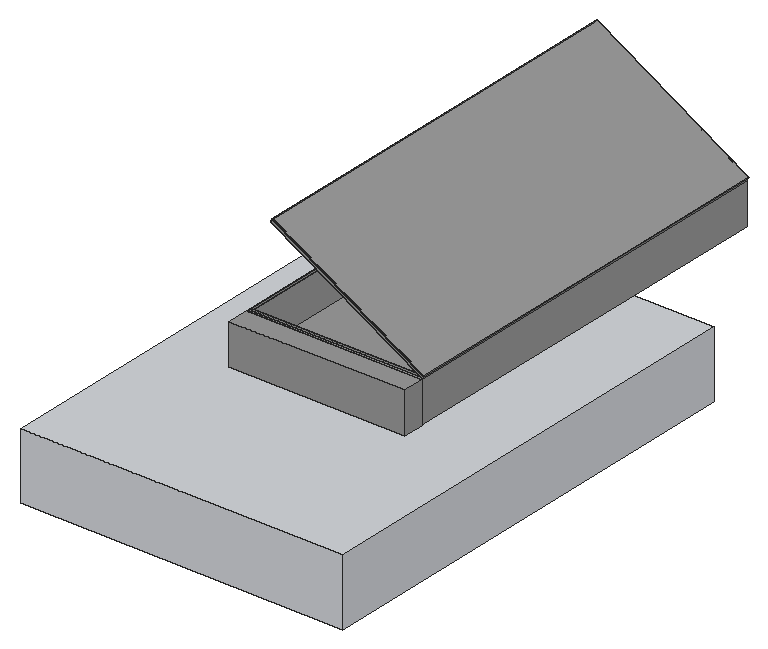
Revit family "Hager-Univers-IP44-D205-H1950-Cl.I-Encl-CH-en", category Equipement électrique, Revit 2020
Family settings
  Hôte = Face
  Configuration du panneau = Deux colonnes, circuits au sein
  Cote de connecteur circulaire = Utiliser le diamètre
  Type d'élément = Tableau de raccordement
  Couper avec des vides une fois chargée = Non
  Partagée = Non
  Point de calcul de pièce = Non
Parameters (values of type "Floor installation IP44 W800 H1950 D205  - FP23TN2")
  Width Control [instance] = if([EF000008 - Width] > Min Width, [EF000008 - Width], Min Width)  # 800 mm
  Commentaires du type = [HG000003 - Range]  # "Univers"
  Thickness Door [instance] = if([EF009171 - Material plate thickness door/cover] > 3 mm, 3 mm, [EF009171 - Material plate thickness door/cover])  # 1 mm
  Seal Frame Offset [instance] = 17 mm  # constant formula
  Plinth Visibility [instance] = [HG000027 - Plinth height] > 0 mm  # yes
  Model = ""
  Min Width [instance] = 100 mm  # constant formula
  Min Height [instance] = 100 mm  # constant formula
  Min Depth [instance] = (2 * [EF009170 - Material plate thickness cabinet]) + 1 mm  # 3 mm
  Internal Frame Depth [instance] = (Door System Depth * 0.5)  # 9 mm
  Height Control [instance] = if([EF000040 - Height] > Min Height, [EF000040 - Height], Min Height)  # 1950 mm
  HG000027 - Plinth height = 100 mm
  HG000026 - Floor standing = yes
  HG000024 - Bottom section height = 800 mm
  HG000023 - Double section enclosure = no
  HG000016 - Door 3d visibility [instance] = yes
  HG000015 - Clearance visibility [instance] = no
  HG000014 - Door on the right [instance] = yes
  HG000013 - Door on the left [instance] = not([HG000014 - Door on the right])  # no
  HG000012 - Door swing angle [instance] = 30.00°
  HG000010 - Asymmetric doors = no
  HG000009 - Double swing door = no
  HG000006 - Flush mounted = no
  HG000004 - Manufacturer reference = "FP23TN2"
  HG000003 - Range = "Univers"
  HG000002 - With door or cover = yes
  Frame Offset Bottom [instance] = 10 mm  # constant formula
  Frame Offset [instance] = 15 mm  # constant formula
  EF015940 - Cover with overpressure release = no
  EF011959 - Degree of protection (NEMA) = ""
  EF009554 - Number of openings for flange plates = 6
  EF009212 - Cover model = "EV000116 - Closed"
  EF009171 - Material plate thickness door/cover = 1 mm
  EF009170 - Material plate thickness cabinet = 1 mm
  Fabricant = "Hager"  # constant formula
  EF008873 - Nominal current (In) = 400 A
  EF007800 - Suitable for lightning protection = no
  EF006306 - With lock = no
  EF006244 - Transparent cover/door = no
  EF005474 - Degree of protection (IP) = "EV006418 - IP44"
  EF004464 - Type of door = "EV002646 - Single"
  EF004427 - Number of modules = 432
  EF004293 - Impact strength = "EV006815 - IK09"
  EF003532 - Suitable for outdoor use = no
  EF002950 - Width in number of modular spacings = 36
  EF001613 - Circuit integrity = "EV000494 - None"
  EF001596 - Material housing = "EV000179 - Steel"
  EF001131 - Internal depth = 205 mm
  EF001088 - Extension possible = yes
  EF000437 - Number of conduit inlets = 6
  EF000339 - Type of cover = "EV001012 - Cover"
  EF000266 - Number of rows = 12
  EF000218 - Built-in depth = 0 mm
  EF000118 - With mounting plate = no
  EF000116 - RAL-number = "9010"
  EF000049 - Depth = 205 mm
  EF000040 - Height = 1950 mm
  EF000008 - Width = 800 mm
  EF000007 - Colour = "EV000202 - White"
  EF000003 - Mounting method = "EV012274 - Floor installation"
  Door System Leaf Tolerance [instance] = 1.5 mm  # constant formula
  Door System Depth [instance] = 18 mm  # constant formula
  Door Height [instance] = Height Control - [HG000027 - Plinth height]  # 1850 mm
  Depth Control [instance] = if([EF000049 - Depth] > Min Depth, [EF000049 - Depth], Min Depth)  # 205 mm
  Default Elevation = 0 mm
  Connector Offset [instance] = Height Control / 2  # 975 mm
  Bottom Top Plate Trim [instance] = 1.5 mm  # constant formula
  Plinth height Ctrl [instance] = if([HG000027 - Plinth height] > 0 mm, [HG000027 - Plinth height], 12 mm)  # 100 mm
Types (5, lengths in mm): name | Width Control | HG000010 - Asymmetric doors | HG000009 - Double swing door | HG000004 - Manufacturer reference | EF009554 - Number of openings for flange plates | EF008873 - Nominal current (In) | EF004464 - Type of door | EF004427 - Number of modules | EF002950 - Width in number of modular spacings | EF000437 - Number of conduit inlets | EF000008 - Width
  Floor installation IP44 W1050 H1950 D205  - FP24TN2 | 1050 | no | yes | "FP24TN2" | 8 | 400 A | "EV003602 - Double" | 576 | 48 | 8 | 1050
  Floor installation IP44 W1300 H1950 D205  - FP25TN2 | 1300 | yes | yes | "FP25TN2" | 10 | 400 A | "EV003602 - Double" | 720 | 60 | 10 | 1300
  Floor installation IP44 W300 H1950 D205  - FP21TN2 | 300 | no | no | "FP21TN2" | 2 | 250 A | "EV002646 - Single" | 144 | 12 | 2 | 300
  Floor installation IP44 W550 H1950 D205  - FP22TN2 | 550 | no | no | "FP22TN2" | 4 | 400 A | "EV002646 - Single" | 288 | 24 | 4 | 550
  Floor installation IP44 W800 H1950 D205  - FP23TN2 | 800 | no | no | "FP23TN2" | 6 | 400 A | "EV002646 - Single" | 432 | 36 | 6 | 800
Reference planes
  plane 1 "Center (Front/Back)": y = 0
  plane 2: z = 0
  plane 3 "Center (Left/Right)": x = 0
  plane 4: z = 205
  plane 5: y = 101
  plane 6: y = 1025
  plane 7: y = 100
  plane 8: y = 1950
  plane 9: z = 0
  plane 10: x = -385
  plane 11: x = 385
  plane 12: x = 384
  plane 13: x = -384
  plane 14: y = 1949
  plane 15: x = -383
  plane 16: x = -400
  plane 17: x = 383
  plane 18: x = 400
  plane 19: x = 399
  plane 20: x = -399
  plane 21: y = 111
  plane 22: y = 1950
  plane 23: y = 1934
  plane 24: z = 187
  plane 25: z = 1
  plane 26: z = 186
  plane 27: z = 204
Forms (mm)
  Extrusion 1, solid
    sketch origin (0, 0, 0) x (1, 0, 0) y (0, 1, 0)
      loop
        line (-702.964, 1305) -> (-702.964, -811.445) -> (766.763, -811.445) -> (766.763, 1305) -> (-702.964, 1305)
    from 0 to -304.8
  Extrusion 2, solid, material "Hager_Steel_RAL7035_Light_Grey", visible <- "Plinth Visibility", detail levels medium+fine
    sketch origin (0, 0, 0) x (1, 0, 0) y (0, 1, 0)
      loop
        line (-400, 0) -> (400, 0) -> (400, 100) -> (-400, 100) -> (-400, 0)
    from 0 to 187
  Extrusion 3, solid, material "Hager_Steel_RAL7035_Light_Grey", detail levels medium+fine
    sketch origin (0, 0, 0) x (1, 0, 0) y (0, 1, 0)
      loop
        line (-400, 100) -> (400, 100) -> (400, 1950) -> (-400, 1950) -> (-400, 100)
    from 0 to 187
  Extrusion 4, void
    sketch origin (0, 0, 0) x (1, 0, 0) y (0, 1, 0)
      loop
        line (-399, 101) -> (399, 101) -> (399, 1949) -> (-399, 1949) -> (-399, 101)
    from 1 to 186
  Extrusion 5, void
    sketch origin (-381.607, -4572, 187) x (0, -1, 0) y (-1, 0, 0)
      loop
        line (-4683, 2.393) -> (-6506, 2.393) -> (-6506, -765.607) -> (-4683, -765.607) -> (-4683, 2.393)
    from 0 to 1 <- "EF009170 - Material plate thickness cabinet"
  Extrusion 6, solid, material "Hager_Steel_RAL7035_Light_Grey", detail levels fine
    sketch origin (0, 0, 187) x (1, 0, 0) y (0, 1, 0)
      loop
        line (-384, 1934) -> (-384, 111) -> (384, 111) -> (384, 1934) -> (-384, 1934)
      loop
        line (-385, 110) -> (385, 110) -> (385, 1935) -> (-385, 1935) -> (-385, 110)
    from 0 to 9 <- "Internal Frame Depth"
  Extrusion 7, solid, material "Hager_Steel_RAL7035_Light_Grey", detail levels coarse
    sketch origin (0, 0, 0) x (1, 0, 0) y (0, 1, 0)
      loop
        line (-400, 0) -> (400, 0) -> (400, 1950) -> (-400, 1950) -> (-400, 0)
    from 0 to 205
  Sweep 8, void
    path in 3D
      loop
        line (-400, 100, 0) -> (400, 100, 0) -> (400, 100, 187) -> (-400, 100, 187) -> (-400, 100, 0)
    profile origin (-400, 100, 93.5) x (-1, 0, 0) y (0, -1, 0)
      loop
        line (0, 0) -> (0, 1.5) -> (-1.5, 1.5)
        arc (-1.5, 1.5) -> (-1.061, 0.439) -> (0, 0) r 1.5
Cuts and joins
  Extrusion 4, Extrusion 5 cuts Extrusion 3
  Sweep 8 cuts Extrusion 2
Lines and regions (mm)
  Masking region 1
    outline origin (0, 0, 0) x (1, 0, 0) y (0, 0, 1)
      loop
        line (-400, 205) -> (-400, 0) -> (400, 0) -> (400, 205) -> (-400, 205)
  Masking region 2, detail levels medium+fine
    outline origin (0, 140, 0) x (0, 1, 0) y (0, 0, 1)
      loop
        line (-40, 0) -> (1810, 0) -> (1810, 187) -> (-40, 187) -> (-40, 0)
  Masking region 3, not visible, detail levels medium+fine
    outline origin (0, 297.922, 0) x (0, 1, 0) y (0, 0, 1)
      loop
        line (738.578, 0) -> (778.578, 0) -> (778.578, 194)
        arc (778.578, 194) -> (775.649, 201.071) -> (768.578, 204) r 10
        line (768.578, 204) -> (738.578, 204) -> (738.578, 0)
  Masking region 4, detail levels coarse
    outline origin (0, 0, 180) x (0, 1, 0) y (0, 0, 1)
      loop
        line (0, -180) -> (1950, -180) -> (1950, 25) -> (0, 25) -> (0, -180)
  Masking region 5, visible <- "Plinth Visibility", detail levels medium+fine
    outline origin (0, 52.24, 12.345) x (0, 0, -1) y (0, 1, 0)
      loop
        line (10.845, 47.76) -> (-173.155, 47.76)
        arc (-173.155, 47.76) -> (-173.594, 46.699) -> (-174.655, 46.26) r 1.5
        line (-174.655, 46.26) -> (-174.655, -52.24) -> (12.345, -52.24) -> (12.345, 46.26)
        arc (12.345, 46.26) -> (11.285, 46.699) -> (10.845, 47.76) r 1.5
  Masking region 6, detail levels medium+fine
    outline origin (-381.607, -4572, 187) x (-1, 0, 0) y (0, -1, 0)
      loop
        line (18.393, -6522) -> (18.393, -4672) -> (-781.607, -4672) -> (-781.607, -6522) -> (18.393, -6522)
  Masking region 7, visible <- "Plinth Visibility", detail levels medium+fine
    outline origin (-381.607, -4727, 187) x (-1, 0, 0) y (0, -1, 0)
      loop
        arc (16.893, -4827) -> (17.332, -4825.939) -> (18.393, -4825.5) r 1.5
        line (18.393, -4825.5) -> (18.393, -4727) -> (-781.607, -4727) -> (-781.607, -4825.5)
        arc (-781.607, -4825.5) -> (-780.546, -4825.939) -> (-780.107, -4827) r 1.5
        line (-780.107, -4827) -> (16.893, -4827)
  Masking region 8, detail levels coarse
    outline origin (-442.548, -4669.526, 187) x (-1, 0, 0) y (0, -1, 0)
      loop
        line (-42.548, -6619.526) -> (-42.548, -4669.526) -> (-842.548, -4669.526) -> (-842.548, -6619.526) -> (-42.548, -6619.526)
  sketch lines
    curve 1: line (-400, 100, 187) -> (-400, 100, 0)
    curve 2: line (400, 100, 187) -> (-400, 100, 187)
    curve 3: line (400, 100, 187) -> (400, 100, 0)
    curve 4: line (-400, 100, 0) -> (400, 100, 0)
Dimensions and locks
  "Depth Control": plane 4 to Extrusion 1
  "HG000027 - Plinth height": plane 1 "Center (Front/Back)" to plane 7
  "EF009170 - Material plate thickness cabinet": plane 5 to plane 7
  locked: connector elem to plane 3 "Center (Left/Right)"
  equal spacing: plane 8, plane 6, plane 7
  locked: connector elem to plane 6
  "EF009170 - Material plate thickness cabinet": plane 8 to plane 14
  "EF009170 - Material plate thickness cabinet": plane 10 to plane 13
  "EF009170 - Material plate thickness cabinet": plane 12 to plane 11
  "Frame Offset": plane 20 to plane 13
  "Frame Offset": plane 12 to plane 19
  "EF009170 - Material plate thickness cabinet": plane 16 to plane 20
  "EF009170 - Material plate thickness cabinet": plane 19 to plane 18
  "Seal Frame Offset": plane 16 to plane 15
  "Seal Frame Offset": plane 17 to plane 18
  "Frame Offset Bottom": plane 21 to plane 5
  "Frame Offset": plane 14 to plane 23
  equal spacing: plane 16, plane 3 "Center (Left/Right)", plane 18
  "Width Control": plane 16 to plane 18
  "EF009170 - Material plate thickness cabinet": plane 4 to plane 27
  "EF009170 - Material plate thickness cabinet": plane 24 to plane 26
  "EF009170 - Material plate thickness cabinet": plane 25 to level
  "Door System Depth": plane 4 to plane 24
  "Height Control": plane 1 "Center (Front/Back)" to Extrusion 7 sketch curve
  "Height Control": Masking region 4 sketch curve to plane 1 "Center (Front/Back)"
  "Height Control": plane 1 "Center (Front/Back)" to plane 22
  "Bottom Top Plate Trim": profile plane to Sweep 8 sketch curve
  "Bottom Top Plate Trim": Sweep 8 sketch curve to profile plane
  "Plinth height Ctrl": plane 1 "Center (Front/Back)" to Extrusion 2 sketch curve
  "Plinth height Ctrl": Masking region 5 sketch curve to plane 1 "Center (Front/Back)"
  "Plinth height Ctrl": plane 1 "Center (Front/Back)" to Masking region 7 sketch curve
  "Thickness Door": Extrusion 6 sketch curve to Extrusion 6 sketch curve  (x3)
  "Thickness Door": cut or joined group of Extrusion 3, Extrusion 4, Extrusion 5 to Extrusion 6 sketch curve
  radius of Masking region 3 sketch curve = 10 mm
  "Bottom Top Plate Trim": radius of Masking region 5 sketch curve  (x2)
  "Bottom Top Plate Trim": radius of Sweep 8 sketch curve
  "Bottom Top Plate Trim": radius of Masking region 7 sketch curve  (x2)
  aligned and locked: plane 2 to Extrusion 1
  aligned and locked: level to Extrusion 1
  aligned and locked: level to Masking region 1 sketch curve
  aligned and locked: Masking region 1 sketch curve to plane 18
  aligned and locked: Masking region 1 sketch curve to plane 16
  aligned and locked: plane 7 to Masking region 2 sketch curve
  aligned and locked: level to Masking region 3 sketch curve
  aligned and locked: Masking region 3 sketch curve to plane 27
  aligned and locked: level to Masking region 2 sketch curve
  aligned and locked: plane 1 "Center (Front/Back)" to Extrusion 2 sketch curve
  aligned and locked: Extrusion 3 sketch curve to plane 7
  aligned and locked: plane 16 to Extrusion 3 sketch curve
  aligned and locked: plane 18 to Extrusion 3 sketch curve
  aligned and locked: plane 20 to Extrusion 4 sketch curve
  aligned and locked: plane 19 to Extrusion 4 sketch curve
  aligned and locked: Extrusion 4 sketch curve to plane 5
  aligned and locked: Extrusion 4 to plane 25
  aligned and locked: plane 26 to Extrusion 4
  aligned and locked: plane 24 to Extrusion 3
  aligned and locked: Extrusion 5 sketch curve to plane 21
  aligned and locked: Extrusion 5 sketch curve to plane 13
  aligned and locked: Extrusion 5 sketch curve to plane 12
  aligned and locked: plane 18 to Extrusion 7 sketch curve
  aligned and locked: plane 1 "Center (Front/Back)" to Extrusion 7 sketch curve
  aligned and locked: plane 16 to Extrusion 7 sketch curve
  aligned and locked: plane 4 to Extrusion 7
  aligned and locked: Extrusion 7 to level
  aligned and locked: level to Masking region 4 sketch curve
  aligned and locked: Masking region 4 sketch curve to plane 1 "Center (Front/Back)"
  aligned and locked: Masking region 4 sketch curve to plane 4
  aligned and locked: nested 1 to level
  aligned and locked: nested 1 to plane 16
  aligned and locked: plane 8 to Extrusion 3 sketch curve
  aligned and locked: plane 23 to Extrusion 5 sketch curve
  aligned and locked: plane 14 to Extrusion 4 sketch curve
  aligned and locked: Masking region 2 sketch curve to plane 8
  aligned and locked: level to Masking region 5 sketch curve
  aligned and locked: plane 16 to Extrusion 2 sketch curve
  aligned and locked: plane 18 to Extrusion 2 sketch curve
  aligned and locked: Masking region 5 sketch curve to plane 24
  aligned and locked: Masking region 2 sketch curve to plane 24
  aligned and locked: plane 24 to Extrusion 2
  aligned and locked: profile plane to Sweep 8 sketch curve  (x2)
  aligned and locked: Masking region 6 sketch curve to plane 18
  aligned and locked: Masking region 6 sketch curve to plane 22
  aligned and locked: Masking region 6 sketch curve to plane 16
  aligned and locked: plane 8 to plane 22
  aligned and locked: Masking region 6 sketch curve to plane 7
  aligned and locked: Masking region 7 sketch curve to plane 16
  aligned and locked: Masking region 7 sketch curve to plane 1 "Center (Front/Back)"
  aligned and locked: Masking region 7 sketch curve to plane 18
  aligned and locked: Masking region 8 sketch curve to plane 1 "Center (Front/Back)"
  aligned and locked: Masking region 8 sketch curve to plane 18
  aligned and locked: Masking region 8 sketch curve to plane 22
  aligned and locked: Masking region 8 sketch curve to plane 16
  aligned and locked: nested 2 to plane 7
  aligned and locked: plane 3 "Center (Left/Right)" to nested 2
  aligned and locked: nested 2 to plane 24
  aligned and locked: Extrusion 6 sketch curve to cut or joined group of Extrusion 3, Extrusion 4, Extrusion 5  (x4)
Automatic sketch dimensions
  Extrusion 1 sketch curve to Extrusion 1 sketch curve = 1469.727 mm
  Extrusion 1 sketch curve to Extrusion 1 sketch curve = 2116.445 mm
  Masking region 1 sketch curve to plane 4 = 0 mm
  plane 6 to Masking region 3 sketch curve = 11.5 mm
  Masking region 3 sketch curve to Masking region 3 sketch curve = 30 mm
  Masking region 5 sketch curve to plane 1 "Center (Front/Back)" = 0 mm
Nested families
  nested 1: "Hager_Enclosure_Symbol" at (-400, 0, 0) x (1, 0, 0) z (0, -1, 0), Height <- "Depth Control", Width <- "Width Control", type "Hager_Enclosure_Symbol"
    with Width_Ctrl 800 mm, Width 800 mm, Height_Ctrl 205 mm, Height 205 mm, A_Width_Int 13.453 mm, A_Width 161.438 mm, A_Height_Ctrl 179.375 mm, A_Height 179.375 mm
  nested 2: "EC000058_Univers_Door" at (0, 100, 187) x (1, 0, 0) z (0, 1, 0), Leaf_Tolerance <- "Door System Leaf Tolerance", Angle <- "HG000012 - Door swing angle", Door_Depth <- "Door System Depth", Door_Left <- "HG000013 - Door on the left", Transparent <- "EF006244 - Transparent cover/door", Assymetrical <- "HG000010 - Asymmetric doors", Width <- "Width Control", Clearance <- "HG000015 - Clearance visibility", Double <- "HG000009 - Double swing door", 3d_Door <- "HG000016 - Door 3d visibility", Lock_Visibility <- "EF006306 - With lock", Width_Ctrl <- "Width Control", Door_Right <- "HG000014 - Door on the right", Door <- "HG000002 - With door or cover", Height <- "Door Height", Thickness <- "Thickness Door", type "EC000058_Univers_Door", detail levels medium+fine
    with min_wh 3 mm, Width_Ctrl 800 mm, Width 800 mm, Transparent no, Thickness 1 mm, Seal_Material Hager_Rubber, Lock_Visibility no, Lock_Material Hager_Plastic_RAL9005_Jet_Black, Leaf_Width 800 mm, Leaf_Tolerance_External_Sides 0 mm, Leaf_Tolerance 1.5 mm, Leaf_Offset 0 mm, Leaf_Height 1847 mm, Leaf_2_Width 800 mm, Leaf_2_Offset 400 mm, Leaf_1_Width 800 mm, Leaf_1_Offset 400 mm, Height_Ctrl 1850 mm, Height 1850 mm, Glass_Material Hager_Glass, Double_Clearance_Ctrl no, Double no, Door_Right_Ctrl yes, Door_Right yes, Door_Material Hager_Steel_RAL7035_Light_Grey, Door_Left_Ctrl no, Door_Left no, Door_Depth 18 mm, Door yes, Clearance_Material Hager_Clearance, Clearance_Depth 800 mm, Clearance_Ctrl no, Clearance no, Assymetrical no, Angle 30.00°, 3d_Door yes
Connectors
  electrical at (0, 1025, 0)
    settings: on plane 9, index 1, voltage 0 V, apparent load 0 VA, apparent load phase1 0 VA, apparent load phase2 0 VA, apparent load phase3 0 VA, power factor 1, load classification "Other", number of poles 1, system type 30, power factor state 1, is connector primary yes, connector utility no, sub classification motor no, connector description ""
Definition of nested family "EC000058_Univers_Door"
  Parameters (values of type "EC000058_Univers_Door")
    min_wh [instance] = (2 * Thickness) + 1 mm  # 11 mm
    Width_Ctrl [instance] = 400 mm
    Width [instance] = 500 mm
    Transparent [instance] = yes
    Thickness [instance] = 5 mm
    Seal_Material [instance] = none
    Lock_Visibility [instance] = yes
    Lock_Material [instance] = none
    Leaf_Width [instance] = if((Width_Ctrl - 2 * Leaf_Tolerance_External_Sides) > 0 mm, (Width_Ctrl - 2 * Leaf_Tolerance_External_Sides), min_wh)  # 400 mm
    Leaf_Tolerance_External_Sides [instance] = 0 mm  # constant formula
    Leaf_Tolerance [instance] = 1.5 mm
    Leaf_Offset [instance] = 0 mm  # constant formula
    Leaf_Height [instance] = if((Height_Ctrl - 2 * Leaf_Tolerance) > 0 mm, (Height_Ctrl - 2 * Leaf_Tolerance), min_wh)  # 497 mm
    Leaf_2_Width [instance] = if(and(and(Double, Assymetrical), Door_Left), (Leaf_Width / 3) - (Leaf_Tolerance / 2), if(and(and(Double, Assymetrical), Door_Right), (Leaf_Width / 3) * 2 - (Leaf_Tolerance / 2), if(and(Double, not(Assymetrical)), (Leaf_Width / 2) - Leaf_Tolerance, Leaf_Width)))  # 400 mm
    Leaf_2_Offset [instance] = if(and(Double, Assymetrical), Leaf_2_Width / 2, if(and(Double, not(Assymetrical)), Leaf_Width / 4, Leaf_Width / 2))  # 200 mm
    Leaf_1_Width [instance] = if(and(and(Double, Assymetrical), Door_Right), (Leaf_Width / 3) - (Leaf_Tolerance / 2), if(and(and(Double, Assymetrical), Door_Left), (Width / 3) * 2 - (Leaf_Tolerance / 2), if(and(Double, not(Assymetrical)), (Leaf_Width / 2) - Leaf_Tolerance, Leaf_Width)))  # 400 mm
    Leaf_1_Offset [instance] = if(and(Double, Assymetrical), Leaf_1_Width / 2, if(and(Double, not(Assymetrical)), Leaf_Width / 4, Leaf_Width / 2))  # 200 mm
    Height_Ctrl [instance] = if(Height > min_wh, Height, min_wh)  # 500 mm
    Height [instance] = 500 mm
    Glass_Material [instance] = none
    Double_Clearance_Ctrl [instance] = and(Double, Clearance)  # no
    Double [instance] = no
    Door_Right_Ctrl [instance] = and(or(Door_Right, Double), Door)  # yes
    Door_Right [instance] = yes
    Door_Material [instance] = none
    Door_Left_Ctrl [instance] = and(or(Door_Left, Double), Door)  # no
    Door_Left [instance] = no
    Door_Depth [instance] = 30 mm
    Door [instance] = yes
    Default Elevation = 1219.2 mm
    Clearance_Material [instance] = none
    Clearance_Depth [instance] = if(Leaf_1_Width > Leaf_2_Width, Leaf_1_Width, Leaf_2_Width)  # 400 mm
    Clearance_Ctrl [instance] = and(not(Double), Clearance)  # yes
    Clearance [instance] = yes
    Assymetrical [instance] = yes
    Angle [instance] = 30.00°
    3d_Door [instance] = yes
  Reference planes
    plane 1 "Center (Front/Back)": y = 0
    plane 2 "Bottom": z = 0
    plane 3 "Center (Left/Right)": x = 0
    plane 4: z = 500
    plane 5: x = -200
    plane 6: x = 200
    plane 7: z = 500
    plane 8: x = -200
    plane 9: z = 0
    plane 10: x = 200
    plane 11: y = 0
    plane 12: z = 1.5
    plane 13: x = -600
    plane 14: y = -400
    plane 15: x = 600
    plane 16: x = 0
    plane 17: x = 0
    plane 18: x = -200
    plane 19: x = 200
    plane 20: z = 498.5
  Forms (mm)
    Extrusion 1, solid, material <- "Clearance_Material", visible <- "Double_Clearance_Ctrl"
      sketch origin (1200, 0, 0) x (1, 0, 0) y (0, 0, -1)
        loop
          line (-1800, -498.5) -> (-600, -498.5) -> (-600, 0) -> (-1800, 0) -> (-1800, -498.5)
      from 0 to -400
  Dimensions and locks
    equal spacing: plane 5, plane 3 "Center (Left/Right)", plane 6
    "Width_Ctrl": plane 5 to plane 6
    "Leaf_Offset": plane 5 to plane 8
    "Leaf_Offset": plane 6 to plane 10
    "Leaf_Offset": plane 9 to level
    "Leaf_Offset": plane 4 to plane 7
    "Height_Ctrl": plane 4 to level
    "Leaf_Tolerance": plane 12 to plane 9
    locked: plane 11 to plane 1 "Center (Front/Back)"
    "Leaf_1_Offset": plane 18 to plane 16
    "Leaf_2_Offset": plane 17 to plane 19
    "Leaf_1_Width": plane 13 to plane 8
    "Leaf_2_Width": plane 10 to plane 15
    "Clearance_Depth": plane 14 to plane 1 "Center (Front/Back)"
    "Leaf_Tolerance_External_Sides": plane 8 to plane 18
    "Leaf_Tolerance_External_Sides": plane 19 to plane 10
    "Leaf_Tolerance": plane 7 to plane 20
    aligned and locked: level to plane 2 "Bottom"
    aligned and locked: nested 1 to plane 16
    aligned and locked: nested 2 to plane 17
    aligned and locked: Extrusion 1 to plane 13
    aligned and locked: plane 15 to Extrusion 1
    aligned and locked: Extrusion 1 to plane 14
    aligned and locked: plane 12 to nested 1
    aligned and locked: nested 2 to plane 12
    aligned and locked: Extrusion 1 to plane 11
    aligned and locked: plane 20 to Extrusion 1
    aligned and locked: nested 2 to plane 11
    aligned and locked: nested 1 to plane 11
  Automatic sketch dimensions
    Extrusion 1 sketch curve to level = 0 mm
    plane 5 to Extrusion 1 sketch curve = 400 mm
    plane 6 to Extrusion 1 sketch curve = 400 mm
    Extrusion 1 sketch curve to plane 4 = 1.5 mm
  Nested families
    nested 1: "EC000058_Univers_Door_Leaf" at (0, 0, 1.5), Width <- "Leaf_1_Width", visible <- "Door_Left_Ctrl", Leaf_Height <- "Leaf_Height", Angle <- "Angle", 3d_Door <- "3d_Door", Transparent <- "Transparent", Clearance Material <- "Clearance_Material", Clearance <- "Clearance_Ctrl", Door_Material <- "Door_Material", Glass_Material <- "Glass_Material", Door_Depth <- "Door_Depth", Lock_Material <- "Lock_Material", Seal_Material <- "Seal_Material", Lock_Visibility <- "Lock_Visibility", Thickness <- "Thickness", type "EC000058_Univers_Door_Leaf"
      with Width 400 mm, Transparent_Glass_Offset 30 mm, Transparent_Ctrl yes, Transparent yes, Thickness 5 mm, Standard no, Seal_Material none, Seal_D2 8 mm, Seal_D1 1 mm, Offset_Internal_Frame 10 mm, Lock_Width 20 mm, Lock_Visibility_3d yes, Lock_Visibility yes, Lock_Thickness_3 3 mm, Lock_Thickness_2 1 mm, Lock_Thickness_1 3 mm, Lock_Radius_Offset_2 16 mm, Lock_Radius_Offset_1 15 mm, Lock_Radius_2 5 mm, Lock_Radius 6 mm, Lock_Offset 5 mm, Lock_Material none, Lock_Height 80 mm, Lock_Cover_Top_Offset_2d 17 mm, Lock_Cover_Height -65 mm, Leaf_Height 497 mm, Internal_Seal_Thickness 8 mm, Internal_Seal_Depth_2 4.5 mm, Internal_Frame_Depth 25 mm, Glass_Thickness -1 mm, Glass_Offset -2 mm, Glass_Material none, Door_Material none, Door_Depth 30 mm, Clearance Material none, Clearance yes, Angle_Ctrl 30.00°, Angle 30.00°, 3d_Door yes
    nested 2: "EC000058_Univers_Door_Leaf" at (0, 0, 1.5) x (-1, 0, 0) z (0, 0, 1), Width <- "Leaf_2_Width", visible <- "Door_Right_Ctrl", Leaf_Height <- "Leaf_Height", Angle <- "Angle", 3d_Door <- "3d_Door", Transparent <- "Transparent", Clearance Material <- "Clearance_Material", Clearance <- "Clearance_Ctrl", Door_Material <- "Door_Material", Glass_Material <- "Glass_Material", Door_Depth <- "Door_Depth", Lock_Material <- "Lock_Material", Seal_Material <- "Seal_Material", Lock_Visibility <- "Lock_Visibility", Thickness <- "Thickness", type "EC000058_Univers_Door_Leaf"
      with Width 400 mm, Transparent_Glass_Offset 30 mm, Transparent_Ctrl yes, Transparent yes, Thickness 5 mm, Standard no, Seal_Material none, Seal_D2 8 mm, Seal_D1 1 mm, Offset_Internal_Frame 10 mm, Lock_Width 20 mm, Lock_Visibility_3d yes, Lock_Visibility yes, Lock_Thickness_3 3 mm, Lock_Thickness_2 1 mm, Lock_Thickness_1 3 mm, Lock_Radius_Offset_2 16 mm, Lock_Radius_Offset_1 15 mm, Lock_Radius_2 5 mm, Lock_Radius 6 mm, Lock_Offset 5 mm, Lock_Material none, Lock_Height 80 mm, Lock_Cover_Top_Offset_2d 17 mm, Lock_Cover_Height -65 mm, Leaf_Height 497 mm, Internal_Seal_Thickness 8 mm, Internal_Seal_Depth_2 4.5 mm, Internal_Frame_Depth 25 mm, Glass_Thickness -1 mm, Glass_Offset -2 mm, Glass_Material none, Door_Material none, Door_Depth 30 mm, Clearance Material none, Clearance yes, Angle_Ctrl 30.00°, Angle 30.00°, 3d_Door yes
  Definition of nested family "EC000058_Univers_Door_Leaf"
    Parameters (values of type "EC000058_Univers_Door_Leaf")
      Width [instance] = 2000 mm
      Transparent_Glass_Offset [instance] = 30 mm
      Transparent_Ctrl [instance] = and(Transparent, [3d_Door])  # yes
      Transparent [instance] = yes
      Thickness [instance] = 5 mm
      Standard [instance] = and(not(Transparent), [3d_Door])  # no
      Seal_Material [instance] = none
      Seal_D2 [instance] = 8 mm  # constant formula
      Seal_D1 [instance] = 1 mm  # constant formula
      Offset_Internal_Frame [instance] = 10 mm  # constant formula
      Lock_Width [instance] = 20 mm  # constant formula
      Lock_Visibility_3d [instance] = and(Lock_Visibility, [3d_Door])  # yes
      Lock_Visibility [instance] = yes
      Lock_Thickness_3 [instance] = 3 mm  # constant formula
      Lock_Thickness_2 [instance] = 1 mm  # constant formula
      Lock_Thickness_1 [instance] = 3 mm  # constant formula
      Lock_Radius_Offset_2 [instance] = Lock_Radius_Offset_1 + 1 mm  # 16 mm
      Lock_Radius_Offset_1 [instance] = 15 mm  # constant formula
      Lock_Radius_2 [instance] = Lock_Radius - 1 mm  # 5 mm
      Lock_Radius [instance] = 6 mm  # constant formula
      Lock_Offset [instance] = 5 mm  # constant formula
      Lock_Material [instance] = none
      Lock_Height [instance] = 80 mm  # constant formula
      Lock_Cover_Top_Offset_2d [instance] = Lock_Radius_Offset_2 + 1 mm  # 17 mm
      Lock_Cover_Height [instance] = -(Lock_Height - Lock_Radius_Offset_1)  # -65 mm
      Leaf_Height [instance] = 2720.336 mm
      Internal_Seal_Thickness [instance] = 8 mm  # constant formula
      Internal_Seal_Depth_2 [instance] = 4.5 mm  # constant formula
      Internal_Frame_Depth [instance] = if(Door_Depth - Thickness > 5 mm, Door_Depth - Thickness, 5 mm)  # 25 mm
      Glass_Thickness [instance] = if(Thickness > 15 mm, Glass_Offset + 10 mm, -1 mm)  # -1 mm
      Glass_Offset [instance] = if(Thickness > 15 mm, -(Thickness + 10 mm) / 2, -2 mm)  # -2 mm
      Glass_Material [instance] = none
      Door_Material [instance] = none
      Door_Depth [instance] = 30 mm
      Default Elevation = 0 mm
      Clearance Material [instance] = none
      Clearance [instance] = yes
      Angle_Ctrl [instance] = if(Angle > 180.00°, 180.00°, Angle)  # 90.00°
      Angle [instance] = 90.00°
      3d_Door [instance] = yes
    Reference planes
      plane 1 "Center (Front/Back)": y = 0
      plane 2: z = 0
      plane 3 "Center (Left/Right)": x = 0
      plane 4: y = 2000
      plane 5: x = -1000
      plane 6: x = 1000
      plane 7: x = -3000
      plane 8: z = 2720.336
      plane 9: z = 30
      plane 10: z = 2690.336
      plane 11: x = 970
      plane 12: x = -970
      plane 13: y = -3
      plane 14: z = 107.833
      plane 15: y = -5
      plane 16: y = -223.314
      plane 17: x = -1000
      plane 18: z = 1360.168
      plane 19: y = 30
    Forms (mm)
      Extrusion 1, solid, material <- "Clearance Material", visible <- "Clearance"
        sketch origin (0, 0, 0) x (1, 0, 0) y (0, 0, 1)
          loop
            line (-3000, 2720.336) -> (-3000, 0) -> (1000, 0) -> (1000, 2720.336) -> (-3000, 2720.336)
        from 0 to -2000
      Extrusion 2, solid, material <- "Door_Material", visible <- "Standard", detail levels medium+fine
        sketch origin (-1000, 0, 0) x (0, 1, 0) y (-1, 0, 0)
          loop
            line (0, 30) -> (0, 25) -> (2000, 25) -> (2000, 30) -> (0, 30)
        from 0 to 2720.336 <- "Leaf_Height"
      Extrusion 3, solid, material <- "Door_Material", visible <- "Transparent_Ctrl", detail levels medium+fine
        sketch origin (-1000, 0, 0) x (0, 1, 0) y (-1, 0, 0)
          loop
            line (0, 25) -> (2000, 25) -> (2000, 30) -> (0, 30) -> (0, 25)
        from 0 to 2720.336 <- "Leaf_Height"
      Extrusion 4, void
        sketch origin (-1025, 2000, 0) x (0, 1, 0) y (0, 0, -1)
          loop
            line (-30, -2690.336) -> (-30, -30) -> (-1970, -30) -> (-1970, -2690.336) -> (-30, -2690.336)
        from 0 to 5 <- "Thickness"
      Sweep 5, solid, material <- "Seal_Material", visible <- "Transparent_Ctrl", detail levels fine
        path in 3D
          loop
            line (-1025, 30, 30) -> (-1025, 30, 2690.336) -> (-1025, 1970, 2690.336) -> (-1025, 1970, 30) -> (-1025, 30, 30)
        profile origin (-1025, 1000, 30) x (1, 0, 0) y (0, 0, 1)
          loop
            line (0, 0) -> (0, -8) -> (1, -8) -> (1, 0) -> (0, 0)
      Extrusion 6, solid, material <- "Glass_Material", visible <- "Transparent_Ctrl", detail levels medium+fine
        sketch origin (-1030, 0, 0) x (0, 1, 0) y (0, 0, -1)
          loop
            line (1970, -2690.336) -> (1970, -30) -> (30, -30) -> (30, -2690.336) -> (1970, -2690.336)
        from -2 <- "Glass_Offset" to -1 <- "Glass_Thickness"
      Extrusion 7, solid, material <- "Door_Material", visible <- "3d_Door", detail levels medium+fine
        sketch origin (-1025, 2000, 0) x (0, -1, 0) y (0, 0, -1)
          loop
            line (0, -2720.336) -> (2000, -2720.336) -> (2000, 0) -> (0, 0) -> (0, -2720.336)
          loop
            line (1995, -5) -> (5, -5) -> (5, -2715.336) -> (1995, -2715.336) -> (1995, -5)
        from 0 to 25 <- "Internal_Frame_Depth"
      Sweep 8, solid, material <- "Seal_Material", visible <- "Transparent_Ctrl", detail levels fine
        path in 3D
          loop
            line (-1025, 0, 0) -> (-1025, 2000, 0) -> (-1025, 2000, 2720.336) -> (-1025, 0, 2720.336) -> (-1025, 0, 0)
        profile origin (-1025, 0, 1360.168) x (1, 0, 0) y (0, 1, 0)
          loop
            line (0, 10) -> (2.975, 10)
            arc (2.975, 10) -> (4.053, 10.447) -> (4.5, 11.525) r 1.525
            line (4.5, 11.525) -> (4.5, 16.527)
            arc (4.5, 16.527) -> (4.069, 17.569) -> (3.027, 18) r 1.473
            line (3.027, 18) -> (0, 18) -> (0, 10)
      Extrusion 9, solid, material <- "Lock_Material", visible <- "Lock_Visibility_3d", detail levels fine
        sketch origin (-1030, 0, 0) x (0, 1, 0) y (0, 0, -1)
          loop
            arc (1993.5, -1400.168) -> (1994.561, -1399.729) -> (1995, -1398.668) r 1.5
            line (1995, -1398.668) -> (1995, -1320.168) -> (1975, -1320.168) -> (1975, -1398.668)
            arc (1975, -1398.668) -> (1975.439, -1399.729) -> (1976.5, -1400.168) r 1.5
            line (1976.5, -1400.168) -> (1993.5, -1400.168)
        from 3 <- "Lock_Thickness_1" to 0
      Blend 10, solid, material <- "Lock_Material", visible <- "Lock_Visibility_3d", detail levels fine
        base sketch origin (-1033, 0, 0) x (0, 1, 0) y (0, 0, -1)
          loop
            line (1975, -1320.168) -> (1975, -1398.668)
            arc (1975, -1398.668) -> (1975.439, -1399.729) -> (1976.5, -1400.168) r 1.5
            line (1976.5, -1400.168) -> (1993.5, -1400.168)
            arc (1993.5, -1400.168) -> (1994.561, -1399.729) -> (1995, -1398.668) r 1.5
            line (1995, -1398.668) -> (1995, -1320.168) -> (1975, -1320.168)
        top sketch origin (-1033, 0, 0) x (0, 1, 0) y (0, 0, -1)
          loop
            line (1976, -1320.168) -> (1976, -1398.668)
            arc (1976, -1398.668) -> (1976.146, -1399.022) -> (1976.5, -1399.168) r 0.5
            line (1976.5, -1399.168) -> (1993.5, -1399.168)
            arc (1993.5, -1399.168) -> (1993.854, -1399.022) -> (1994, -1398.668) r 0.5
            line (1994, -1398.668) -> (1994, -1320.168) -> (1976, -1320.168)
        from 0 to 1 <- "Lock_Thickness_2"
      Blend 11, solid, material <- "Lock_Material", visible <- "Lock_Visibility_3d", detail levels fine
        base sketch origin (-1034, 0, 0) x (0, 1, 0) y (0, 0, -1)
          loop
            line (1978, -1320.168) -> (1978, -1384.168)
            arc (1978, -1384.168) -> (1985, -1391.168) -> (1992, -1384.168) r 7
            line (1992, -1384.168) -> (1992, -1320.168) -> (1978, -1320.168)
        top sketch origin (-1034, 0, 0) x (0, 1, 0) y (0, 0, -1)
          loop
            line (1991, -1320.168) -> (1979, -1320.168) -> (1979, -1383.168)
            arc (1979, -1383.168) -> (1985, -1389.168) -> (1991, -1383.168) r 6
            line (1991, -1383.168) -> (1991, -1320.168)
        from 0 to 3 <- "Lock_Thickness_3"
      Extrusion 12, solid, material <- "Lock_Material", visible <- "Lock_Visibility_3d", detail levels fine
        sketch origin (-1030, 1975, 1320.168) x (1, 0, 0) y (0, -1, 0)
          loop
            line (-7, -19) -> (-7, -1) -> (0, -1) -> (0, 0) -> (-8, 0) -> (-8, -20) -> (0, -20) -> (0, -19) -> (-7, -19)
        from 0 to -65 <- "Lock_Cover_Height"
      Extrusion 13, void
        sketch origin (-1038, 1995, 1320.168) x (-1, 0, 0) y (0, 0, -1)
          loop
            line (-5, -65) -> (0, -65) -> (-5, -60) -> (-5, -65)
        from 0 to 20 <- "Lock_Width"
      Extrusion 14, void
        sketch origin (-1038, 1975, 1320.168) x (0, -1, 0) y (0, 0, -1)
          loop
            circle (-10, -15.995) r 6
          loop
            circle (-10, -15.995) r 5
        from 0 to 2
      Extrusion 15, solid, material <- "Lock_Material", visible <- "Lock_Visibility_3d", detail levels medium
        sketch origin (-1030, 0, 0) x (0, 1, 0) y (0, 0, -1)
          loop
            arc (1993.5, -1400.168) -> (1994.561, -1399.729) -> (1995, -1398.668) r 1.5
            line (1995, -1398.668) -> (1995, -1320.168) -> (1975, -1320.168) -> (1975, -1398.668)
            arc (1975, -1398.668) -> (1975.439, -1399.729) -> (1976.5, -1400.168) r 1.5
            line (1976.5, -1400.168) -> (1993.5, -1400.168)
        from 8 to 0
    Cuts and joins
      Extrusion 4 cuts Extrusion 3
      Extrusion 13, Extrusion 14 cuts Extrusion 9
      Extrusion 14 cuts Blend 11
      Extrusion 13, Extrusion 14 cuts Extrusion 12
      joined: Extrusion 9, Blend 10, Blend 11, Extrusion 12
      Extrusion 14 cuts Extrusion 15
    Lines and regions (mm)
      Masking region 1, visible <- "Lock_Visibility", detail levels fine
        outline origin (0, 0, 0) x (0, 1, 0) y (0, 0, 1)
          loop
            line (30, 1320.168) -> (33, 1320.168) -> (33, 1400.168) -> (30, 1400.168) -> (30, 1320.168)
      Masking region 2, visible <- "Lock_Visibility", detail levels fine
        outline origin (0, 3.143, 0) x (0, 1, 0) y (0, 0, 1)
          loop
            line (29.857, 1354.168) -> (30.857, 1354.168) -> (30.857, 1366.168) -> (29.857, 1366.168) -> (29.857, 1354.168)
      Masking region 3, detail levels medium+fine
        outline origin (0, 0, 0) x (0, 1, 0) y (0, 0, 1)
          loop
            line (0, 0) -> (30, 0) -> (30, 2720.336) -> (0, 2720.336) -> (0, 0)
      Masking region 4, detail levels medium+fine
        outline origin (0, 0, 0) x (1, 0, 0) y (0, 0, 1)
          loop
            line (-1000, 2720.336) -> (-1000, 0) -> (1000, 0) -> (1000, 2720.336) -> (-1000, 2720.336)
      Masking region 5, visible <- "Lock_Visibility", detail levels fine
        outline origin (-47.116, 0, 0) x (1, 0, 0) y (0, 0, 1)
          loop
            arc (1024.616, 1399.168) -> (1023.556, 1398.729) -> (1023.116, 1397.668) r 1.5
            line (1023.116, 1397.668) -> (1023.116, 1320.168) -> (1041.116, 1320.168) -> (1041.116, 1397.668)
            arc (1041.116, 1397.668) -> (1040.677, 1398.729) -> (1039.616, 1399.168) r 1.5
            line (1039.616, 1399.168) -> (1024.616, 1399.168)
      Masking region 6, visible <- "Lock_Visibility", detail levels medium+fine
        outline origin (-25, 0, 0) x (1, 0, 0) y (0, 0, 1)
          loop
            arc (1001.5, 1400.168) -> (1000.439, 1399.729) -> (1000, 1398.668) r 1.5
            line (1000, 1398.668) -> (1000, 1320.168) -> (1020, 1320.168) -> (1020, 1398.668)
            arc (1020, 1398.668) -> (1019.561, 1399.729) -> (1018.5, 1400.168) r 1.5
            line (1018.5, 1400.168) -> (1001.5, 1400.168)
      Masking region 7, visible <- "Lock_Visibility", detail levels fine
        outline origin (-73.735, 0, 0) x (1, 0, 0) y (0, 0, 1)
          loop
            line (1051.735, 1382.168) -> (1065.735, 1382.168) -> (1065.735, 1384.168)
            arc (1065.735, 1384.168) -> (1058.735, 1391.168) -> (1051.735, 1384.168) r 7
            line (1051.735, 1384.168) -> (1051.735, 1382.168)
      Masking region 8, visible <- "Lock_Visibility", detail levels fine
        outline origin (-73.735, 0, 0) x (1, 0, 0) y (0, 0, 1)
          loop
            line (1052.735, 1382.168) -> (1064.735, 1382.168) -> (1064.735, 1383.168)
            arc (1064.735, 1383.168) -> (1058.735, 1389.168) -> (1052.735, 1383.168) r 6
            line (1052.735, 1383.168) -> (1052.735, 1382.168)
      Masking region 9, visible <- "Lock_Visibility", detail levels fine
        outline origin (-25, 0, 0) x (1, 0, 0) y (0, 0, 1)
          loop
            line (1020, 1320.168) -> (1020, 1382.168) -> (1000, 1382.168) -> (1000, 1320.168) -> (1020, 1320.168)
      Masking region 10, detail levels medium+fine
        outline origin (0, 0, 0) x (1, 0, 0) y (0, 0, 1)
          loop
            circle (985, 1335.144) r 6
      Masking region 11, detail levels fine
        outline origin (0, 0, 0) x (1, 0, 0) y (0, 0, 1)
          loop
            circle (985, 1335.144) r 5
      Masking region 12, visible <- "Lock_Visibility", detail levels fine
        outline origin (0, 12.767, 0) x (0, 1, 0) y (0, 0, 1)
          loop
            line (20.233, 1320.168) -> (21.233, 1320.168) -> (21.233, 1399.168) -> (20.233, 1400.168) -> (20.233, 1320.168)
      Masking region 13, visible <- "Lock_Visibility", detail levels fine
        outline origin (0, 13.767, -10) x (0, 1, 0) y (0, 0, 1)
          loop
            line (20.233, 1330.168) -> (23.233, 1330.168) -> (23.233, 1399.168) -> (20.233, 1402.168) -> (20.233, 1330.168)
      Masking region 14, visible <- "Lock_Visibility", detail levels fine
        outline origin (0, 12.767, -10) x (0, 1, 0) y (0, 0, 1)
          loop
            line (20.233, 1330.168) -> (25.233, 1330.168) -> (25.233, 1399.305) -> (20.233, 1394.305) -> (20.233, 1330.168)
      Masking region 15, visible <- "Lock_Visibility", detail levels medium
        outline origin (0, 0, 0) x (0, 1, 0) y (0, 0, 1)
          loop
            line (30, 1320.168) -> (38, 1320.168) -> (38, 1400.168) -> (30, 1400.168) -> (30, 1320.168)
      Masking region 16, visible <- "Lock_Visibility", detail levels fine
        outline origin (-1000, 0, 0) x (0, 1, 0) y (-1, 0, 0)
          loop
            line (1975, 30) -> (1995, 30) -> (1995, 38) -> (1975, 38) -> (1975, 30)
          loop
            line (1979, 37) -> (1976, 37) -> (1976, 34) -> (1978, 34) -> (1979, 37)
          loop
            line (1994, 37) -> (1991, 37) -> (1992, 34) -> (1994, 34) -> (1994, 37)
      Masking region 17, visible <- "Lock_Visibility", detail levels medium
        outline origin (-1000, 0, 0) x (0, 1, 0) y (-1, 0, 0)
          loop
            line (1975, 30) -> (1995, 30) -> (1995, 38) -> (1975, 38) -> (1975, 30)
      symbolic lines
        curve 1: line (1000, 0, 0) -> (-3000, 0, 0)
        curve 2: arc (1000, 0, 0) -> (-1000, 2000, 0) -> (-3000, 0, 0) r 2000
        curve 4: line (-1030, 0, 0) -> (-1030, 2000, 0)
      reference lines
        curve 3: line (-1000, 0, 0) -> (-1000, 2000, 0)
      symbolic lines, detail levels medium+fine
        curve 5: line (-1030, 2000, 0) -> (-1025, 2000, 0)
        curve 7: line (-1025, 0, 0) -> (-1030, 0, 0)
        curve 8: line (-1025, 0, 0) -> (-1000, 0, 0)
        curve 9: line (-1000, 0, 0) -> (-1000, 2000, 0)
        curve 10: line (-1000, 2000, 0) -> (-1025, 2000, 0)
      symbolic lines, detail levels fine
        curve 6: line (-1025, 2000, 0) -> (-1025, 0, 0)
      sketch lines
        curve 11: line (-1025, 0, 2720.336) -> (-1025, 0, 0)
        curve 12: line (-1025, 2000, 0) -> (-1025, 0, 0)
        curve 13: line (-1025, 2000, 2720.336) -> (-1025, 2000, 0)
        curve 14: line (-1025, 0, 2720.336) -> (-1025, 2000, 2720.336)
        curve 15: line (-1025, 1970, 30) -> (-1025, 30, 30)
        curve 16: line (-1025, 30, 30) -> (-1025, 30, 2690.336)
        curve 17: line (-1025, 1970, 2690.336) -> (-1025, 1970, 30)
        curve 18: line (-1025, 30, 2690.336) -> (-1025, 1970, 2690.336)
      symbolic lines, visible <- "Transparent", detail levels medium+fine
        curve 19: line (-970, 0, 2690.336) -> (970, 0, 2690.336)
        curve 20: line (-970, 0, 30) -> (-970, 0, 2690.336)
        curve 21: line (970, 0, 30) -> (-970, 0, 30)
        curve 22: line (970, 0, 2690.336) -> (970, 0, 30)
    Dimensions and locks
      "Width": plane 1 "Center (Front/Back)" to plane 4
      equal spacing: plane 5, plane 3 "Center (Left/Right)", plane 6
      "Width": plane 5 to plane 6
      "Width": plane 7 to plane 5
      "Leaf_Height": plane 8 to level
      "Width": curve 5 to curve 3
      "Width": curve 3 to curve 3
      plane 8 to plane 10 = 30 mm
      plane 9 to level = 30 mm
      plane 12 to plane 5 = 30 mm
      plane 6 to plane 11 = 30 mm
      Extrusion 1 to Extrusion 4 sketch curve = 30 mm
      "Transparent_Glass_Offset": curve 3 to Extrusion 4 sketch curve
      "Transparent_Glass_Offset": Extrusion 4 sketch curve to cut or joined group of Extrusion 3, Extrusion 4  (x2)
      cut or joined group of Extrusion 3, Extrusion 4 to Extrusion 6 sketch curve = 30 mm
      "Transparent_Glass_Offset": cut or joined group of Extrusion 3, Extrusion 4 to Extrusion 4 sketch curve
      "Thickness": curve 6 to curve 4
      "Thickness": Extrusion 7 sketch curve to Extrusion 7 sketch curve  (x4)
      "Door_Depth": curve 4 to curve 3
      "Offset_Internal_Frame": profile plane to Sweep 8 sketch curve
      "Internal_Seal_Thickness": Sweep 8 sketch curve to Sweep 8 sketch curve
      "Internal_Seal_Depth_2": profile plane to Sweep 8 sketch curve
      "Seal_D1": profile plane to Sweep 5 sketch curve
      "Seal_D2": profile plane to Sweep 5 sketch curve
      "Thickness": Extrusion 2 sketch curve to Extrusion 2 sketch curve
      equal spacing: Extrusion 9 sketch curve, plane 18, Extrusion 9 sketch curve  (x2)
      equal spacing: Masking region 1 sketch curve, plane 18, Masking region 1 sketch curve
      "Lock_Height": Masking region 1 sketch curve to Masking region 1 sketch curve
      "Lock_Radius": Masking region 2 sketch curve to plane 18 to Masking region 2 sketch curve
      Masking region 2 sketch curve to Masking region 1 = 1 mm
      "Door_Depth": plane 19 to plane 1 "Center (Front/Back)"
      "Lock_Thickness_1": Masking region 1 sketch curve to plane 19
      "Lock_Width": Extrusion 9 sketch curve to Extrusion 9 sketch curve
      "Lock_Height": Extrusion 9 sketch curve to Extrusion 9 sketch curve
      "Lock_Offset": cut or joined group of Extrusion 3, Extrusion 4 to Extrusion 9 sketch curve
      equal spacing: plane 8, plane 18, level
      "Lock_Radius_Offset_1": Blend 11 sketch curve to Blend 10
      locked: Blend 10 to Blend 11 sketch curve at 2  (x2)
      locked: var sketch to Blend 11 sketch curve at 1  (x2)
      "Lock_Radius_Offset_2": Blend 11 sketch curve to Blend 10
      locked: Extrusion 12 sketch curve to Extrusion 12 sketch curve at 1  (x3)
      Masking region 6 sketch curve to Masking region 6 sketch curve = 80 mm
      "Lock_Height": Masking region 6 sketch curve to Masking region 6 sketch curve
      "Lock_Width": Masking region 6 sketch curve to Masking region 6 sketch curve
      locked: Masking region 6 to Masking region 5 sketch curve at 1  (x3)
      locked: Masking region 5 to Masking region 7 sketch curve at 2  (x2)
      "Lock_Radius_Offset_1": Masking region 5 to Masking region 7 sketch curve
      "Lock_Radius_Offset_2": Masking region 5 to Masking region 8 sketch curve
      locked: Masking region 7 to Masking region 8 sketch curve at 1  (x2)
      "Lock_Cover_Top_Offset_2d": Masking region 5 to Masking region 9 sketch curve
      equal spacing: Masking region 9, Masking region 10 sketch curve, Masking region 9
      equal spacing: Masking region 9, Masking region 11 sketch curve, Masking region 9
      Extrusion 15 sketch curve to Extrusion 15 sketch curve = 80 mm
      "Lock_Width": Extrusion 15 sketch curve to Extrusion 15 sketch curve
      "Lock_Height": Extrusion 15 sketch curve to Extrusion 15 sketch curve
      equal spacing: Extrusion 15 sketch curve, plane 18, Extrusion 15 sketch curve
      "Lock_Thickness_3": Masking region 13 sketch curve to Masking region 13 sketch curve
      "Lock_Height": Masking region 12 sketch curve to Masking region 12 sketch curve
      locked: Masking region 13 sketch curve to Masking region 1 at 8
      locked: Masking region 14 sketch curve to Masking region 13 at 1
      locked: Masking region 14 sketch curve to Masking region 1 at 10.863
      "Lock_Height": Masking region 15 sketch curve to Masking region 15 sketch curve
      "Lock_Offset": Extrusion 15 sketch curve to cut or joined group of Extrusion 3, Extrusion 4
      "Lock_Offset": plane 6 to Masking region 6 sketch curve
      radius of Sweep 8 sketch curve = 1.525 mm
      radius of Sweep 8 sketch curve = 1.473 mm
      radius of Extrusion 9 sketch curve = 1.5 mm  (x2)
      "Lock_Radius": radius of Extrusion 14 sketch curve
      "Lock_Radius_2": radius of Extrusion 14 sketch curve
      "Lock_Radius": radius of Masking region 10 sketch curve
      "Lock_Radius_2": radius of Masking region 11 sketch curve
      radius of Extrusion 15 sketch curve = 1.5 mm  (x2)
      "Angle_Ctrl": angle plane 1 "Center (Front/Back)" to curve 3
      locked: Masking region 12 sketch curve to Masking region 12 sketch curve (angle 45.00°)
      locked: Masking region 13 sketch curve to Masking region 13 sketch curve (angle 45.00°)
      locked: Masking region 14 sketch curve to Masking region 14 sketch curve (angle 45.00°)
      aligned and locked: level to plane 2
      aligned and locked: Extrusion 1 to curve 1
      aligned and locked: plane 6 to Extrusion 1
      aligned and locked: Extrusion 1 to plane 1 "Center (Front/Back)"
      aligned and locked: plane 4 to Extrusion 1
      aligned and locked: plane 8 to Extrusion 1
      aligned and locked: curve 7 to Extrusion 2 sketch curve
      aligned and locked: curve 5 to Extrusion 2 sketch curve
      aligned and locked: curve 7 to Extrusion 3 sketch curve
      aligned and locked: Extrusion 3 sketch curve to curve 4
      aligned and locked: Extrusion 3 sketch curve to curve 6
      aligned and locked: Extrusion 3 sketch curve to curve 5
      aligned and locked: curve 9 to curve 3
      aligned and locked: Extrusion 7 sketch curve to cut or joined group of Extrusion 3, Extrusion 4  (x4)
      aligned and locked: plane 17 to curve 3
      aligned and locked: plane 1 "Center (Front/Back)" to curve 3
      aligned and locked: plane 17 to plane 5
      aligned and locked: Sweep 8 sketch curve to profile plane
      aligned and locked: Sweep 5 sketch curve to profile plane  (x2)
      aligned and locked: Masking region 1 to Masking region 2 sketch curve
      aligned and locked: plane 19 to Masking region 1 sketch curve
      aligned and locked: plane 1 "Center (Front/Back)" to Masking region 3 sketch curve
      aligned and locked: plane 19 to Masking region 3 sketch curve
      aligned and locked: level to Masking region 3 sketch curve
      aligned and locked: Masking region 3 sketch curve to plane 8
      aligned and locked: plane 17 to Masking region 4 sketch curve
      aligned and locked: level to Masking region 4 sketch curve
      aligned and locked: Masking region 4 sketch curve to plane 8
      aligned and locked: plane 12 to curve 20
      aligned and locked: plane 10 to curve 19
      aligned and locked: plane 11 to curve 22
      aligned and locked: curve 21 to plane 9
      aligned and locked: Extrusion 2 sketch curve to cut or joined group of Extrusion 3, Extrusion 4
      aligned and locked: Blend 10 sketch curve to Extrusion 9  (x4)
      aligned and locked: Extrusion 9 to Blend 10 sketch curve
      aligned and locked: Blend 10 to Blend 11 sketch curve
      aligned and locked: Extrusion 12 sketch curve to Blend 11
      aligned and locked: Extrusion 12 sketch curve to Extrusion 9  (x4)
      aligned and locked: Masking region 5 sketch curve to Masking region 6
      aligned and locked: Masking region 9 sketch curve to Masking region 6  (x3)
      aligned and locked: Masking region 12 sketch curve to Masking region 1
      aligned and locked: Masking region 13 sketch curve to Masking region 1
      aligned and locked: Masking region 12 to Masking region 14
      aligned and locked: Masking region 14 sketch curve to Masking region 1
      aligned and locked: Masking region 15 sketch curve to Masking region 14
      aligned and locked: Masking region 13 sketch curve to Masking region 12
      aligned and locked: Masking region 16 sketch curve to cut or joined group of Extrusion 14, Extrusion 15  (x4)
      aligned and locked: Masking region 16 sketch curve to cut or joined group of Extrusion 9, Blend 10, Blend 11, Extrusion 12, Extrusion 13, Extrusion 14  (x6)
      aligned and locked: cut or joined group of Extrusion 9, Blend 10, Blend 11, Extrusion 12, Extrusion 13, Extrusion 14 to Masking region 16 sketch curve
      aligned and locked: Masking region 17 sketch curve to cut or joined group of Extrusion 14, Extrusion 15  (x3)
      aligned and locked: Masking region 17 sketch curve to cut or joined group of Extrusion 9, Blend 10, Blend 11, Extrusion 12, Extrusion 13, Extrusion 14
      aligned and locked: Masking region 9 to Masking region 8 sketch curve
      aligned and locked: Masking region 9 to Masking region 7 sketch curve
    Automatic sketch dimensions
      plane 1 "Center (Front/Back)" to curve 2 = 0 mm
      curve 2 to plane 5 = 0 mm
      Extrusion 1 sketch curve to level = 0 mm
      Extrusion 1 sketch curve to plane 7 = 0 mm
      Extrusion 1 sketch curve to plane 6 = 0 mm
      Extrusion 1 sketch curve to plane 8 = 0 mm
      Extrusion 3 to Extrusion 6 sketch curve = 30 mm  (x4)
      Masking region 4 sketch curve to plane 6 = 0 mm
      Blend 10 sketch curve to Extrusion 9 = 1.5 mm
      Blend 10 sketch curve to Extrusion 9 = 1 mm
      Extrusion 13 sketch curve to Extrusion 12 = 0 mm  (x2)
      Extrusion 12 to Extrusion 13 sketch curve = 3 mm
      Extrusion 13 sketch curve to Extrusion 12 = 5 mm
      Extrusion 14 sketch curve to Extrusion 14 sketch curve = 0 mm  (x2)
      Extrusion 14 sketch curve to Extrusion 12 = 10 mm
      Extrusion 14 sketch curve to Extrusion 12 = 15.995 mm
      Masking region 5 sketch curve to Masking region 5 sketch curve = 1.5 mm  (x2)
      Masking region 10 sketch curve to plane 18 = 25.024 mm
      Masking region 11 sketch curve to plane 18 = 25.024 mm
      plane 19 to Masking region 14 sketch curve = 3 mm
      Masking region 16 sketch curve to Masking region 16 sketch curve = 3 mm
      curve 4 to curve 3 = 0 mm
      Blend 10 to Blend 11 sketch curve = 0 mm
      Masking region 6 sketch curve to Masking region 6 sketch curve = 1.5 mm  (x2)
      Masking region 6 sketch curve to plane 18 = 40 mm
      plane 19 to Masking region 12 sketch curve = 3 mm
      Masking region 12 sketch curve to Masking region 12 sketch curve = 1 mm
      Masking region 15 sketch curve to plane 19 = 0 mm
      Masking region 15 sketch curve to plane 18 = 40 mm
      radius of Blend 10 sketch curve to Extrusion 9 = 1 mm
Definition of nested family "Hager_Enclosure_Symbol"
  Parameters (values of type "Hager_Enclosure_Symbol")
    Width_Ctrl [instance] = if(Width > 1 mm, Width, 1 mm)  # 102.27 mm
    Width [instance] = 102.27 mm
    Height_Ctrl [instance] = if(Height > 1 mm, Height, 1 mm)  # 66.5 mm
    A_Width_Int [instance] = if(A_Width / 12 > 2 mm, A_Width / 12, 2 mm)  # 4.364 mm
    A_Width [instance] = if(A_Height_Ctrl * 0.9 > 2 mm, A_Height_Ctrl * 0.9, 2 mm)  # 52.369 mm
    A_Height_Ctrl [instance] = if(A_Height > 2 mm, A_Height, 2 mm)  # 58.188 mm
    Height [instance] = 66.5 mm
    A_Height [instance] = Height - (Height / 8)  # 58.188 mm
  Reference planes
    plane 1 "Centre (avant/arrière)": y = 0
    plane 2: z = 0
    plane 3 "Centre (gauche/droite)": x = 0
    plane 4: x = 52.369
    plane 5: y = 33.042
    plane 6: y = 41.77
    plane 7: y = 66.5
    plane 8: x = 26.184
    plane 9: y = 37.406
    plane 10: x = 102.27
    plane 11: y = 66.5
    plane 12: y = 8.313
  Lines and regions (mm)
    Filled region 1, type "Solid_Black", in view "Niveau de réf."
      outline origin (0, 0, 0) x (1, 0, 0) y (0, 1, 0)
        loop
          line (52.369, 66.5) -> (33.188, 54.536) -> (45.365, 45.006) -> (52.369, 66.5)
    Filled region 2, type "Solid_Black", in view "Niveau de réf."
      outline origin (0, 0, 0) x (1, 0, 0) y (0, 1, 0)
        loop
          line (0, 0) -> (102.27, 0) -> (102.27, 66.5) -> (0, 0)
    detail lines, in view "Niveau de réf."
      curve 1: line (0, 8.313, 0) -> (26.184, 41.77, 0)
      curve 2: line (26.184, 41.77, 0) -> (26.184, 33.042, 0)
      curve 3: line (26.184, 33.042, 0) -> (52.369, 66.5, 0)
  Dimensions and locks
    "A_Width": plane 3 "Centre (gauche/droite)" to plane 4
    equal spacing: plane 3 "Centre (gauche/droite)", plane 8, plane 4
    equal spacing: plane 6, plane 9, plane 5
    equal spacing: curve 3, Filled region 1 sketch curve, Filled region 1 sketch curve
    "Height_Ctrl": plane 1 "Centre (avant/arrière)" to plane 11
    "A_Height_Ctrl": plane 11 to plane 12
    equal spacing: plane 11, plane 9, plane 12
    "A_Width_Int": plane 6 to plane 9
    "Width_Ctrl": plane 3 "Centre (gauche/droite)" to plane 10
    angle Filled region 1 sketch curve to curve 3 = 20.00°
    angle curve 3 to Filled region 1 sketch curve = 20.00°
    locked: curve 3 to Filled region 1 sketch curve (angle 90.00°)
    aligned and locked: plane 10 to Filled region 2
    aligned and locked: plane 11 to Filled region 2 sketch curve
    aligned and locked: plane 10 to Filled region 2 sketch curve
    aligned and locked: plane 3 "Centre (gauche/droite)" to curve 1
    aligned and locked: plane 12 to curve 1
    aligned and locked: plane 7 to plane 11
  Automatic sketch dimensions
    Filled region 1 sketch curve to plane 4 = 0 mm
    Filled region 1 sketch curve to plane 7 = 0 mm
    plane 1 "Centre (avant/arrière)" to Filled region 2 sketch curve = 0 mm
    Filled region 2 sketch curve to plane 3 "Centre (gauche/droite)" = 0 mm
    curve 2 to plane 6 = 0 mm
    curve 2 to plane 8 = 0 mm
    curve 3 to plane 4 = 0 mm
    curve 2 to plane 5 = 0 mm
    curve 3 to plane 7 = 0 mm
